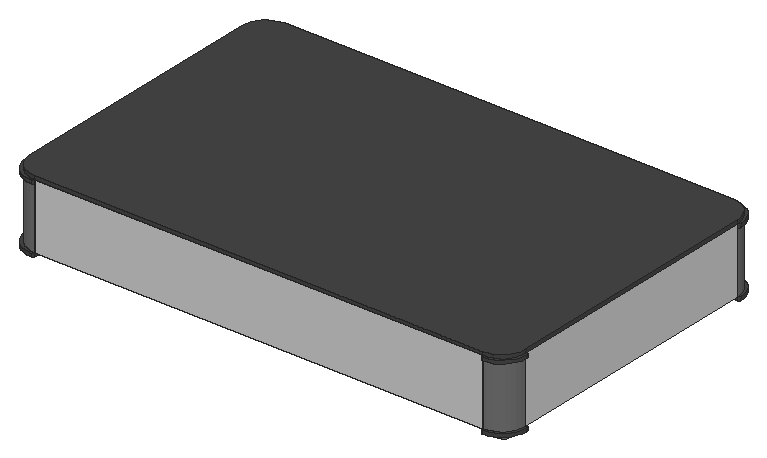
Revit family "QF_ADVENTYS_IE2_600_B-S_250902074600", category Specialty Equipment, Revit 2021
Family settings
  Round Connector Dimension = Use Diameter
  Part Type = Normal
  OmniClass Number = 23.40.40.14
  OmniClass Title = Food Service Equipment
  Work Plane-Based = No
  Always vertical = Yes
  Cut with Voids When Loaded = No
  Shared = No
  Room Calculation Point = No
Parameters (values of type "ADV1841")
  Weight in Pounds [instance] = 0
  Weight = 7.50 kg
  Warranty Start Date [instance] = ""
  Warranty Duration [instance] = ""
  Volts [instance] = 230 V
  URL Recommended Spares List = ""
  URL Manufacturer = ""
  URL Cutsheet = ""
  URL Critical Spares List = ""
  URL = "www.adventys.com"
  Tag Number [instance] = ""
  Status [instance] = ""
  Specification by User [instance] = ""
  Specification by Manufacturer [instance] = ""
  Sound Level [instance] = ""
  Solid Fuel Type [instance] = ""
  Service Life Duration [instance] = ""
  Serial Number [instance] = ""
  Seismic Rating [instance] = ""
  SMACNA No [instance] = ""
  Revision Code [instance] = ""
  Revision [instance] = ""
  Production Year [instance] = ""
  Point Load [instance] = 0
  Phase [instance] = 1
  Other Equipment Approvals [instance] = ""
  Number of Poles [instance] = 2
  NAFEM Spec ID Number [instance] = ""
  Model Warning [instance] = ""
  Model = "IE2 600 B-S"
  Min Ckt Ampacity [instance] = 0 A
  Max Overcurrent Protection [instance] = 10 A
  Masterspec [instance] = ""
  Manufacturer = "ADVENTYS"
  Length Actual = 620 mm
  Item Number [instance] = ""
  Installed By [instance] = ""
  Installation Date [instance] = ""
  Identify Quantity as Lot [instance] = no
  ID [instance] = ""
  Hygiene Approval [instance] = ""
  Hot Water Consumption = 0.0 L/s
  Height Actual = 96 mm
  HP power [instance] = ""
  Furnished By [instance] = ""
  Foodservice Equipment Identifier [instance] = no
  FL Amps [instance] = 2.7 A
  Electrical Remarks [instance] = "Plug not included"
  Electric power [instance] = 0 W
  Electric Connection Type [instance] = "Cord&Plug"
  Elec Conn RI Height [instance] = 0 mm
  Elec Conn Connection Height [instance] = 0 mm
  ETL Approved [instance] = no
  Description = "2 ZONES CUSTOMIZABLE INDUCTION BUFFET"
  Depth Actual = 390 mm
  Default Elevation = 0 mm
  Cycle [instance] = 50 Hz
  Cost = 0
  Conn Plug [instance] = ""
  Conn Conduit [instance] = no
  CSI MasterFormat [instance] = ""
  CE Approved [instance] = no
  Barcode [instance] = 0
  Author [instance] = ""
  Asset Identifier [instance] = ""
  Apparent Power [instance] = 600 VA
  Accessory = no
Reference planes
  plane 1 "Center (Front/Back)": y = 0
  plane 2: z = 0
  plane 3 "Center (Left/Right)": x = 0
Forms (mm)
  Extrusion 1, solid, not visible
    sketch origin (70.003, -2, 47.502) x (1, 0, 0) y (0, 1, 0)
      loop
        line (-2, 2) -> (-2, -2) -> (2, -2) -> (2, 2) -> (-2, 2)
    from -2 to 2
Dimensions and locks
  locked: Extrusion 1 to nested 2
  locked: nested 2 to Extrusion 1 at 2
  aligned and locked: level to plane 2
Nested families
  nested 1: "QF_ADVENTYS_ADV1841_2916" at (0, 0, 0), type "ADV1841"
    with Status "", Show Logo yes, Show Clearance yes
  nested 2: "CONN_POINT_ELE_2D___Generic_Annotation" at (70.003, 0, 47.502), type "CONN_POINT_ELE_2D___Generic_Annotation"
    with Onboard connection annotation symbol visibility yes
Connectors
  electrical at (70.003, 0, 47.502), driven by "Apparent Power", driven by "Number of Poles", driven by "Volts"
    settings: on Extrusion 1, index 1, voltage 230 V, apparent load 0 VA, apparent load phase1 600 VA, apparent load phase2 0 VA, apparent load phase3 0 VA, power factor 1, load classification "Other", number of poles 2, system type 31, power factor state 1, is connector primary yes, connector utility no, sub classification motor no, connector description "Electrical connection for IE2 600 B-S"
Definition of nested family "QF_ADVENTYS_ADV1841_2916"
  Parameters (values of type "ADV1841")
    URL = "www.adventys.com"
    Status [instance] = ""
    Show Logo [instance] = yes
    Show Clearance [instance] = yes
    Model = "IE2 600 B-S"
    Manufacturer = "ADVENTYS"
    Description = "2 ZONES CUSTOMIZABLE INDUCTION BUFFET"
    Default Elevation = 0 mm
    Author = "SPECIFI"
    Assembly Code = "E1090320"
  Reference planes
    plane 1 "Back": y = 0
    plane 2: z = 0
    plane 3 "Left": x = 0
    plane 4 "Right": x = 620
    plane 5 "Front": y = -390
    plane 6 "Top": z = 96
  Forms (mm)
    Extrusion 1, solid
      sketch origin (-437.879, -390, -60.3) x (1, 0, 0) y (0, 1, 0)
        loop
          line (437.879, 360) -> (437.879, 30) -> (467.879, 30) -> (467.879, 0) -> (1027.879, 0) -> (1027.879, 30) -> (1057.879, 30) -> (1057.879, 360) -> (1027.879, 360) -> (1027.879, 390) -> (467.879, 390) -> (467.879, 360) -> (437.879, 360)
      from 70.3 to 152.3
    Extrusion 2, solid
      sketch origin (30, -390, -14.006) x (1, 0, 0) y (0, 1, 0)
        loop
          line (0, 30) -> (-30.98, 30)
          arc (-30.98, 30) -> (-32.402, 29.388) -> (-32.935, 27.935) r 1.958
          arc (-32.935, 27.935) -> (-23.852, 6.102) -> (-2, -2.935) r 30.935
          arc (-2, -2.935) -> (-0.586, -2.35) -> (0, -0.935) r 2
          line (0, -0.935) -> (0, 30)
        loop
          line (560, 30) -> (560, -0.935)
          arc (560, -0.935) -> (560.586, -2.35) -> (562, -2.935) r 2
          arc (562, -2.935) -> (583.852, 6.102) -> (592.935, 27.935) r 30.935
          arc (592.935, 27.935) -> (592.402, 29.388) -> (590.98, 30) r 1.958
          line (590.98, 30) -> (560, 30)
        loop
          line (0, 360) -> (0, 390.935)
          arc (0, 390.935) -> (-0.586, 392.35) -> (-2, 392.935) r 2
          arc (-2, 392.935) -> (-23.852, 383.898) -> (-32.935, 362.065) r 30.935
          arc (-32.935, 362.065) -> (-32.402, 360.612) -> (-30.98, 360) r 1.958
          line (-30.98, 360) -> (0, 360)
        loop
          line (560, 360) -> (590.98, 360)
          arc (590.98, 360) -> (592.402, 360.612) -> (592.935, 362.065) r 1.958
          arc (592.935, 362.065) -> (583.852, 383.898) -> (562, 392.935) r 30.935
          arc (562, 392.935) -> (560.586, 392.35) -> (560, 390.935) r 2
          line (560, 390.935) -> (560, 360)
      from 20.006 to 24.006
    Extrusion 3, solid
      sketch origin (-430.601, -391.294, 0.995) x (1, 0, 0) y (0, 1, 0)
        loop
          circle (1033.349, 18.158) r 8
        loop
          circle (447.454, 18.158) r 8
        loop
          circle (1033.349, 374.212) r 8
        loop
          circle (447.454, 374.212) r 8
      from -0.995 to 5
    Extrusion 4, solid
      sketch origin (30, -390, 71.994) x (1, 0, 0) y (0, 1, 0)
        loop
          line (0, 0) -> (560, 0)
          arc (560, 0) -> (581.213, 8.787) -> (590, 30) r 30
          line (590, 30) -> (590, 360)
          arc (590, 360) -> (581.213, 381.213) -> (560, 390) r 30
          line (560, 390) -> (0, 390)
          arc (0, 390) -> (-21.213, 381.213) -> (-30, 360) r 30
          line (-30, 360) -> (-30, 30)
          arc (-30, 30) -> (-21.213, 8.787) -> (0, 0) r 30
      from 20.006 to 24.006
    Extrusion 5, solid
      sketch origin (30, -390, 67.994) x (1, 0, 0) y (0, 1, 0)
        loop
          arc (560, 390) -> (581.213, 381.213) -> (590, 360) r 30
          line (590, 360) -> (590.98, 360)
          arc (590.98, 360) -> (592.402, 360.612) -> (592.935, 362.065) r 1.958
          arc (592.935, 362.065) -> (583.852, 383.898) -> (562, 392.935) r 30.935
          arc (562, 392.935) -> (560.586, 392.35) -> (560, 390.935) r 2
          line (560, 390.935) -> (560, 390)
        loop
          line (560, 0) -> (560, -0.935)
          arc (560, -0.935) -> (560.586, -2.35) -> (562, -2.935) r 2
          arc (562, -2.935) -> (583.852, 6.102) -> (592.935, 27.935) r 30.935
          arc (592.935, 27.935) -> (592.402, 29.388) -> (590.98, 30) r 1.958
          line (590.98, 30) -> (590, 30)
          arc (590, 30) -> (581.213, 8.787) -> (560, 0) r 30
        loop
          line (0, 390) -> (0, 390.935)
          arc (0, 390.935) -> (-0.586, 392.35) -> (-2, 392.935) r 2
          arc (-2, 392.935) -> (-23.852, 383.898) -> (-32.935, 362.065) r 30.935
          arc (-32.935, 362.065) -> (-32.402, 360.612) -> (-30.98, 360) r 1.958
          line (-30.98, 360) -> (-30, 360)
          arc (-30, 360) -> (-21.213, 381.213) -> (0, 390) r 30
        loop
          arc (0, 0) -> (-21.213, 8.787) -> (-30, 30) r 30
          line (-30, 30) -> (-30.98, 30)
          arc (-30.98, 30) -> (-32.402, 29.388) -> (-32.935, 27.935) r 1.958
          arc (-32.935, 27.935) -> (-23.852, 6.102) -> (-2, -2.935) r 30.935
          arc (-2, -2.935) -> (-0.586, -2.35) -> (0, -0.935) r 2
          line (0, -0.935) -> (0, 0)
      from 20.006 to 24.006
    Extrusion 6, solid
      sketch origin (884.629, 0.2, -60.3) x (1, 0, 0) y (0, 0, 1)
        loop
          line (-603.629, 131.7) -> (-763.629, 131.7)
          arc (-763.629, 131.7) -> (-767.164, 130.236) -> (-768.629, 126.7) r 5
          line (-768.629, 126.7) -> (-768.629, 96.7)
          arc (-768.629, 96.7) -> (-767.164, 93.164) -> (-763.629, 91.7) r 5
          line (-763.629, 91.7) -> (-603.629, 91.7)
          arc (-603.629, 91.7) -> (-600.093, 93.164) -> (-598.629, 96.7) r 5
          line (-598.629, 96.7) -> (-598.629, 126.7)
          arc (-598.629, 126.7) -> (-600.093, 130.236) -> (-603.629, 131.7) r 5
      from -0.2 to 1.8
    Extrusion 7, solid
      sketch origin (-482.629, 0.6, -0.3) x (-1, 0, 0) y (0, 0, -1)
        loop
          line (-663.129, -58.2) -> (-663.129, -45.2) -> (-704.129, -45.2) -> (-704.129, -58.2) -> (-663.129, -58.2)
      from 0 to 2
    Extrusion 8, solid
      sketch origin (-482.629, -55.341, -0.3) x (-1, 0, 0) y (0, 0, -1)
        loop
          line (-647.129, -55.95) -> (-647.129, -47.45)
          arc (-647.129, -47.45) -> (-647.788, -45.859) -> (-649.379, -45.2) r 2.25
          line (-649.379, -45.2) -> (-657.879, -45.2)
          arc (-657.879, -45.2) -> (-659.47, -45.859) -> (-660.129, -47.45) r 2.25
          line (-660.129, -47.45) -> (-660.129, -55.95)
          arc (-660.129, -55.95) -> (-659.47, -57.541) -> (-657.879, -58.2) r 2.25
          line (-657.879, -58.2) -> (-649.379, -58.2)
          arc (-649.379, -58.2) -> (-647.788, -57.541) -> (-647.129, -55.95) r 2.25
        loop
          line (-653.229, -55.7) -> (-653.229, -52.1) -> (-649.629, -52.1) -> (-649.629, -51.3) -> (-653.229, -51.3) -> (-653.229, -47.7) -> (-654.029, -47.7) -> (-654.029, -51.3) -> (-657.629, -51.3) -> (-657.629, -52.1) -> (-654.029, -52.1) -> (-654.029, -55.7) -> (-653.229, -55.7)
        loop
          line (-707.129, -55.95) -> (-707.129, -47.45)
          arc (-707.129, -47.45) -> (-707.788, -45.859) -> (-709.379, -45.2) r 2.25
          line (-709.379, -45.2) -> (-717.879, -45.2)
          arc (-717.879, -45.2) -> (-719.47, -45.859) -> (-720.129, -47.45) r 2.25
          line (-720.129, -47.45) -> (-720.129, -55.95)
          arc (-720.129, -55.95) -> (-719.47, -57.541) -> (-717.879, -58.2) r 2.25
          line (-717.879, -58.2) -> (-709.379, -58.2)
          arc (-709.379, -58.2) -> (-707.788, -57.541) -> (-707.129, -55.95) r 2.25
        loop
          line (-709.629, -52.1) -> (-709.629, -51.3) -> (-717.629, -51.3) -> (-717.629, -52.1) -> (-709.629, -52.1)
        loop
          circle (-733.525, -51.7) r 6.5
        loop
          line (-733.229, -55.7) -> (-733.229, -47.7) -> (-734.029, -47.7) -> (-734.029, -55.7) -> (-733.229, -55.7)
      from -55.941 to -53.941
    Extrusion 9, solid
      sketch origin (0, 0, 0) x (1, 0, 0) y (0, 1, 0)
        loop
          arc (30, 0) -> (8.787, -8.787) -> (0, -30) r 30
          line (0, -30) -> (30, -30) -> (30, 0)
        loop
          line (30, -390) -> (30, -360) -> (0, -360)
          arc (0, -360) -> (8.787, -381.213) -> (30, -390) r 30
        loop
          line (590, 0) -> (590, -30) -> (620, -30)
          arc (620, -30) -> (611.213, -8.787) -> (590, 0) r 30
        loop
          arc (590, -390) -> (611.213, -381.213) -> (620, -360) r 30
          line (620, -360) -> (590, -360) -> (590, -390)
      from 10 to 88
    Extrusion 10, solid
      sketch origin (1099.629, 0.2, -60.3) x (1, 0, 0) y (0, 0, 1)
        loop
          line (-603.629, 131.7) -> (-763.629, 131.7)
          arc (-763.629, 131.7) -> (-767.164, 130.236) -> (-768.629, 126.7) r 5
          line (-768.629, 126.7) -> (-768.629, 96.7)
          arc (-768.629, 96.7) -> (-767.164, 93.164) -> (-763.629, 91.7) r 5
          line (-763.629, 91.7) -> (-603.629, 91.7)
          arc (-603.629, 91.7) -> (-600.093, 93.164) -> (-598.629, 96.7) r 5
          line (-598.629, 96.7) -> (-598.629, 126.7)
          arc (-598.629, 126.7) -> (-600.093, 130.236) -> (-603.629, 131.7) r 5
      from -0.2 to 1.8
    Extrusion 11, solid
      sketch origin (-267.629, 0.6, -0.3) x (-1, 0, 0) y (0, 0, -1)
        loop
          line (-663.129, -58.2) -> (-663.129, -45.2) -> (-704.129, -45.2) -> (-704.129, -58.2) -> (-663.129, -58.2)
      from 0 to 2
    Extrusion 12, solid
      sketch origin (-267.629, -55.341, -0.3) x (-1, 0, 0) y (0, 0, -1)
        loop
          line (-647.129, -55.95) -> (-647.129, -47.45)
          arc (-647.129, -47.45) -> (-647.788, -45.859) -> (-649.379, -45.2) r 2.25
          line (-649.379, -45.2) -> (-657.879, -45.2)
          arc (-657.879, -45.2) -> (-659.47, -45.859) -> (-660.129, -47.45) r 2.25
          line (-660.129, -47.45) -> (-660.129, -55.95)
          arc (-660.129, -55.95) -> (-659.47, -57.541) -> (-657.879, -58.2) r 2.25
          line (-657.879, -58.2) -> (-649.379, -58.2)
          arc (-649.379, -58.2) -> (-647.788, -57.541) -> (-647.129, -55.95) r 2.25
        loop
          line (-653.229, -55.7) -> (-653.229, -52.1) -> (-649.629, -52.1) -> (-649.629, -51.3) -> (-653.229, -51.3) -> (-653.229, -47.7) -> (-654.029, -47.7) -> (-654.029, -51.3) -> (-657.629, -51.3) -> (-657.629, -52.1) -> (-654.029, -52.1) -> (-654.029, -55.7) -> (-653.229, -55.7)
        loop
          line (-707.129, -55.95) -> (-707.129, -47.45)
          arc (-707.129, -47.45) -> (-707.788, -45.859) -> (-709.379, -45.2) r 2.25
          line (-709.379, -45.2) -> (-717.879, -45.2)
          arc (-717.879, -45.2) -> (-719.47, -45.859) -> (-720.129, -47.45) r 2.25
          line (-720.129, -47.45) -> (-720.129, -55.95)
          arc (-720.129, -55.95) -> (-719.47, -57.541) -> (-717.879, -58.2) r 2.25
          line (-717.879, -58.2) -> (-709.379, -58.2)
          arc (-709.379, -58.2) -> (-707.788, -57.541) -> (-707.129, -55.95) r 2.25
        loop
          line (-709.629, -52.1) -> (-709.629, -51.3) -> (-717.629, -51.3) -> (-717.629, -52.1) -> (-709.629, -52.1)
        loop
          circle (-733.525, -51.7) r 6.5
        loop
          line (-733.229, -55.7) -> (-733.229, -47.7) -> (-734.029, -47.7) -> (-734.029, -55.7) -> (-733.229, -55.7)
      from -55.941 to -53.941
  Lines and regions (mm)
    symbolic lines
      curve 1: line (0, -360, 0) -> (0, -30, 0)
      curve 2: line (30, 0, 0) -> (590, 0, 0)
      curve 3: line (620, -30, 0) -> (620, -360, 0)
      curve 4: line (590, -390, 0) -> (30, -390, 0)
      curve 5: arc (0, -360, 0) -> (8.787, -381.213, 0) -> (30, -390, 0) r 30
      curve 6: arc (590, -390, 0) -> (611.213, -381.213, 0) -> (620, -360, 0) r 30
      curve 7: arc (0, -30, 0) -> (8.787, -8.787, 0) -> (30, 0, 0) r 30
      curve 8: arc (590, 0, 0) -> (611.213, -8.787, 0) -> (620, -30, 0) r 30
      curve 9: line (0, -360, 0) -> (-0.98, -360, 0)
      curve 10: arc (-0.98, -360, 0) -> (-2.365, -360.574, 0) -> (-2.938, -361.958, 0) r 1.958
      curve 11: arc (-2.938, -361.958, 0) -> (6.135, -383.862, 0) -> (28.039, -392.935, 0) r 30.977
      curve 12: arc (28.039, -392.935, 0) -> (29.426, -392.361, 0) -> (30, -390.974, 0) r 1.961
      curve 13: line (30, -390.974, 0) -> (30, -390, 0)
      curve 14: line (620, -360, 0) -> (620.98, -360, 0)
      curve 15: arc (620.98, -360, 0) -> (622.365, -360.574, 0) -> (622.938, -361.958, 0) r 1.958
      curve 16: arc (622.938, -361.958, 0) -> (613.865, -383.862, 0) -> (591.961, -392.935, 0) r 30.977
      curve 17: arc (591.961, -392.935, 0) -> (590.574, -392.361, 0) -> (590, -390.974, 0) r 1.961
      curve 18: line (590, -390.974, 0) -> (590, -390, 0)
      curve 19: line (0, -30, 0) -> (-0.98, -30, 0)
      curve 20: arc (-0.98, -30, 0) -> (-2.365, -29.426, 0) -> (-2.938, -28.042, 0) r 1.958
      curve 21: arc (-2.938, -28.042, 0) -> (6.135, -6.138, 0) -> (28.039, 2.935, 0) r 30.977
      curve 22: arc (28.039, 2.935, 0) -> (29.426, 2.361, 0) -> (30, 0.974, 0) r 1.961
      curve 23: line (30, 0.974, 0) -> (30, 0, 0)
      curve 24: line (620, -30, 0) -> (620.98, -30, 0)
      curve 25: arc (620.98, -30, 0) -> (622.365, -29.426, 0) -> (622.938, -28.042, 0) r 1.958
      curve 26: arc (622.938, -28.042, 0) -> (613.865, -6.138, 0) -> (591.961, 2.935, 0) r 30.977
      curve 27: arc (591.961, 2.935, 0) -> (590.574, 2.361, 0) -> (590, 0.974, 0) r 1.961
      curve 28: line (590, 0.974, 0) -> (590, 0, 0)
  Dimensions and locks
    plane 6 "Top" to level = 96 mm
    plane 3 "Left" to plane 4 "Right" = 620 mm
    plane 5 "Front" to plane 1 "Back" = 390 mm
    aligned and locked: level to plane 2
Definition of nested family "CONN_POINT_ELE_2D___Generic_Annotation"
  Parameters (values of type "CONN_POINT_ELE_2D___Generic_Annotation")
    Onboard connection annotation symbol visibility [instance] = yes
  Reference planes
    plane 1: y = 0
    plane 2: x = 0
  Lines and regions (mm)
    detail lines, visible <- "Onboard connection annotation symbol visibility"
      curve 1: circle (0, 0, 0) r 0.5 normal (0, 0, 1)
      curve 2: line (-1, 0, 0) -> (1, 0, 0)
      curve 3: line (0, 1, 0) -> (0, -1, 0)
      curve 4: line (2.5, 1, 0) -> (1.25, 1, 0)
      curve 5: line (1.25, 1, 0) -> (1.25, -1, 0)
      curve 6: line (1.25, -1, 0) -> (2.5, -1, 0)
      curve 7: line (1.25, 0, 0) -> (2, 0, 0)
